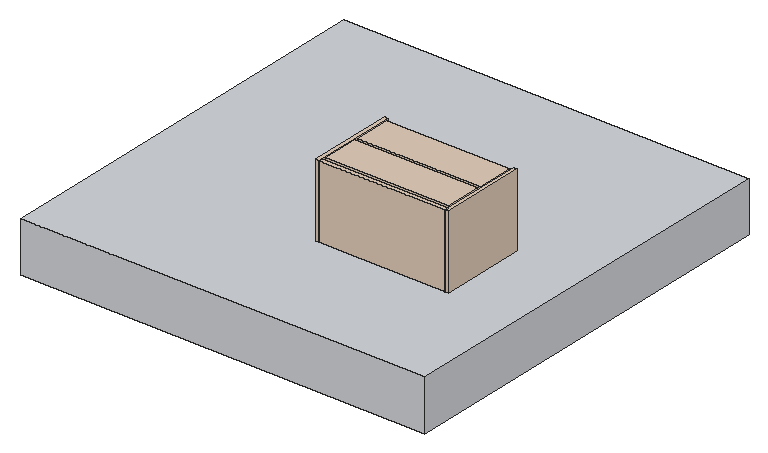
Revit family "IS_ConceptAir_Multiproduct_BIM_GB_E0817;E0818;E0819;E0821;E0842;E0844;E0846", category Plumbing Fixtures, host Face, Revit 2014
Parameters (values of type "E0819UK - 80CM Wall Hung Vanity Unit 2 drawers Wood Light Brown + Matt Light Brown")
  WaterEfficientProduct = no
  WarrantyStartDate [instance] = "1900-12-31T23:59:59"
  WarrantyGuarantorParts = "Productinfo@thebluebook.co.uk"
  WarrantyGuarantorLabor = "n/a"
  WarrantyDurationUnit = "year"
  WarrantyDurationParts = "5"
  WarrantyDurationLabor = "n/a"
  WarrantyDescription = "Manufacturers warranty"
  WRAS = no
  WFU = 0
  VolumeUnits = "Litres"
  Version = "1"
  Uniclass2 = "Pr_40_30_78_04"
  URL = "www.idealspec.co.uk"
  TagNumber [instance] = "n/a"
  TMV3 = no
  SustainabilityPerformance = "n/a"
  Style = "n/a"
  SpareParts = "www.fastpart-spares.co.uk"
  Space = "Internal"
  Size = "517 x 440 x 800 mm"
  Shape = "Rectangular"
  SerialNumber [instance] = "n/a"
  Revision = "n/a"
  ReplacementCost = "n/a"
  ProductInformation = "www.idealspec.co.uk/assets/datasheet/E0819UK"
  Phone = "01482 346461"
  NominalWidth = 800 mm
  NominalLength = 440 mm
  NominalHeight = 517 mm
  NominalDepth = 440 mm
  NettWeight = "0 Kg"
  Name = "Furniture_ConceptAir_E0819UK_IdealStandard"
  NBSTypeID = "n/a"
  NBSReference = "45-35-72/320"
  NBSOfficeMasterTag = "n/a"
  NBSNote = "n/a"
  NBSDescription = "Bathroom integrated duct work"
  NBSCertification = "n/a"
  ModelReference = Description  # "Concept Air 80 cm Wall Hung Vanity Unit 2 Drawers Wood Light Brown + Matt Light Brown"
  ModelNumber = Model  # "E0819UK"
  Model = "E0819UK"
  Material = "Laquered MDF"
  ManufacturerURL = "www.idealspec.co.uk"
  Manufacturer = "Productinfo@thebluebook.co.uk"
  MainColour = ISI_IdealStandard_Furniture_WoodLightBrown_Render
  MainColor = Color  # "Wood brown"
  LinearUnits = "millimeters"
  Keynote = "n/a"
  InstallationInstructions = "www.idealspec.co.uk/resources.html"
  InstallationDate [instance] = "1900-12-31T23:59:59"
  InnerColour = ISI_IdealStandard_Furniture_WoodLightBrown_Render
  IfcExportType = "USERDEFINED"
  IfcExportAs = "IfcFurnitureType"
  HWFU = 0
  GrossWeight = "n/a"
  Grade = "n/a"
  Finish = Color  # "Wood brown"
  Features = "80 cm Wall Hung Vanity Unit 2 Drawers Wood Light Brown + Matt Light Brown"
  ExpectedLife = "30"
  ECA = no
  DurationUnit = "year"
  DistributedBy = "n/a"
  Description = "Concept Air 80 cm Wall Hung Vanity Unit 2 Drawers Wood Light Brown + Matt Light Brown"
  Default Elevation = 800 mm
  CurrencyUnit = "n/a"
  CreatedOn = "2016-02-03"
  Cost = 0
  Constituents = "n/a"
  Color = "Wood brown"
  CodePerformance = "n/a"
  CWFU = 0
  Brand = "IdealStandard"
  BarCode [instance] = "n/a"
  BREEAM = no
  BIMObjectName = "ISI_IdealStandard_Furniture_ConceptAir_E0819UK"
  Author = "Ideal Standard"
  AssetType = "Fixed"
  AssetIdentifier [instance] = "n/a"
  Assembly Code = "C1030200"
  AreaUnits = "millimeters"
  AreaMeasurement = "n/a"
  Accessories = "www.idealspec.co.uk"
  AccessibilityPerformance = "n/a"
  2Drawer = not([1Drawer])  # yes
  1Drawer = no
Types (42, lengths in mm): name | Size | ProductInformation | NominalWidth | NominalLength | NominalHeight | NominalDepth | Name | ModelReference | ModelNumber | Model | MainColour | MainColor | InnerColour | Finish | Features | Description | Color | BIMObjectName | 2Drawer | 1Drawer
  E0818B2 - 60CM Wall Hung Vanity Unit 2 drawers Gls White + Matt White | "517 x 440 x 600 mm" | "www.idealspec.co.uk/assets/datasheet/E0818B2" | 600 | 440 | 517 | 440 | "Furniture_ConceptAir_E0818B2_IdealStandard" | "Concept Air 60 cm Wall Hung Vanity Unit 2 Drawers Gls White + Matt White" | "E0818B2" | "E0818B2" | ISI_IdealStandard_Laminate_White_Render | "White" | ISI_IdealStandard_Laminate_White_Render | "White" | "60 cm Wall Hung Vanity Unit 2 Drawers Gls White + Matt White" | "Concept Air 60 cm Wall Hung Vanity Unit 2 Drawers Gls White + Matt White" | "White" | "ISI_IdealStandard_Furniture_ConceptAir_E0818B2" | yes | no
  E0818EQ - 60CM Wall Hung Vanity Unit 2 drawers Gls Light Grey + Matt White | "517 x 440 x 600 mm" | "www.idealspec.co.uk/assets/datasheet/E0818EQ" | 600 | 440 | 517 | 440 | "Furniture_ConceptAir_E0818EQ_IdealStandard" | "Concept Air 60 cm Wall Hung Vanity Unit 2 Drawers Gls Light Grey + Matt White" | "E0818EQ" | "E0818EQ" | ISI_IdealStandard_Furniture_Grey_Render | "Grey" | ISI_IdealStandard_Laminate_White_Render | "Grey" | "60 cm Wall Hung Vanity Unit 2 Drawers Gls Light Grey + Matt White" | "Concept Air 60 cm Wall Hung Vanity Unit 2 Drawers Gls Light Grey + Matt White" | "Grey" | "ISI_IdealStandard_Furniture_ConceptAir_E0818EQ" | yes | no
  E0818KN - 60CM Wall Hung Vanity Unit 2 drawers Gls White + Matt Light Grey | "517 x 440 x 600 mm" | "www.idealspec.co.uk/assets/datasheet/E0818KN" | 600 | 440 | 517 | 440 | "Furniture_ConceptAir_E0818KN_IdealStandard" | "Concept Air 60 cm Wall Hung Vanity Unit 2 Drawers Gls White + Matt Light Grey" | "E0818KN" | "E0818KN" | ISI_IdealStandard_Laminate_White_Render | "White" | ISI_IdealStandard_Furniture_Grey_Render | "White" | "60 cm Wall Hung Vanity Unit 2 Drawers Gls White + Matt Light Grey" | "Concept Air 60 cm Wall Hung Vanity Unit 2 Drawers Gls White + Matt Light Grey" | "White" | "ISI_IdealStandard_Furniture_ConceptAir_E0818KN" | yes | no
  E0818PS - 60CM Wall Hung Vanity Unit 2 drawers Wood Light Grey + Matt White | "517 x 440 x 600 mm" | "www.idealspec.co.uk/assets/datasheet/E0818PS" | 600 | 440 | 517 | 440 | "Furniture_ConceptAir_E0818PS_IdealStandard" | "Concept Air 60 cm Wall Hung Vanity Unit 2 Drawers Wood Light Grey + Matt White" | "E0818PS" | "E0818PS" | ISI_IdealStandard_Furniture_WoodLightGrey_Render | "Wood grey" | ISI_IdealStandard_Laminate_White_Render | "Wood grey" | "60 cm Wall Hung Vanity Unit 2 Drawers Wood Light Grey + Matt White" | "Concept Air 60 cm Wall Hung Vanity Unit 2 Drawers Wood Light Grey + Matt White" | "Wood grey" | "ISI_IdealStandard_Furniture_ConceptAir_E0818PS" | yes | no
  E0818UK - 60CM Wall Hung Vanity Unit 2 drawers Wood Light Brown + Matt Light Brown | "517 x 440 x 600 mm" | "www.idealspec.co.uk/assets/datasheet/E0818UK" | 600 | 440 | 517 | 440 | "Furniture_ConceptAir_E0818UK_IdealStandard" | "Concept Air 60 cm Wall Hung Vanity Unit 2 Drawers Wood Light Brown + Matt Light Brown" | "E0818UK" | "E0818UK" | ISI_IdealStandard_Furniture_WoodLightBrown_Render | "Wood brown" | ISI_IdealStandard_Furniture_WoodLightBrown_Render | "Wood brown" | "60 cm Wall Hung Vanity Unit 2 Drawers Wood Light Brown + Matt Light Brown" | "Concept Air 60 cm Wall Hung Vanity Unit 2 Drawers Wood Light Brown + Matt Light Brown" | "Wood brown" | "ISI_IdealStandard_Furniture_ConceptAir_E0818UK" | yes | no
  E0819B2 - 80CM Wall Hung Vanity Unit 2 drawers Gls White + Matt White | "517 x 440 x 800 mm" | "www.idealspec.co.uk/assets/datasheet/E0819B2" | 800 | 440 | 517 | 440 | "Furniture_ConceptAir_E0819B2_IdealStandard" | "Concept Air 80 cm Wall Hung Vanity Unit 2 Drawers Gls White + Matt White" | "E0819B2" | "E0819B2" | ISI_IdealStandard_Laminate_White_Render | "White" | ISI_IdealStandard_Laminate_White_Render | "White" | "80 cm Wall Hung Vanity Unit 2 Drawers Gls White + Matt White" | "Concept Air 80 cm Wall Hung Vanity Unit 2 Drawers Gls White + Matt White" | "White" | "ISI_IdealStandard_Furniture_ConceptAir_E0819B2" | yes | no
  E0821EQ - 100CM Wall Hung Vanity Unit 2 drawers Gls Light Grey + Matt White | "517 x 440 x 1000 mm" | "www.idealspec.co.uk/assets/datasheet/E0821EQ" | 1000 | 440 | 517 | 440 | "Furniture_ConceptAir_E0821EQ_IdealStandard" | "Concept Air 100 cm Wall Hung Vanity Unit 2 Drawers Gls Light Grey + Matt White" | "E0821EQ" | "E0821EQ" | ISI_IdealStandard_Furniture_Grey_Render | "Grey" | ISI_IdealStandard_Laminate_White_Render | "Grey" | "100 cm Wall Hung Vanity Unit 2 Drawers Gls Light Grey + Matt White" | "Concept Air 100 cm Wall Hung Vanity Unit 2 Drawers Gls Light Grey + Matt White" | "Grey" | "ISI_IdealStandard_Furniture_ConceptAir_E0821EQ" | yes | no
  E0819KN - 80CM Wall Hung Vanity Unit 2 drawers Gls White + Matt Light Grey | "517 x 440 x 800 mm" | "www.idealspec.co.uk/assets/datasheet/E0819KN" | 800 | 440 | 517 | 440 | "Furniture_ConceptAir_E0819KN_IdealStandard" | "Concept Air 80 cm Wall Hung Vanity Unit 2 Drawers Gls White + Matt Light Grey" | "E0819KN" | "E0819KN" | ISI_IdealStandard_Laminate_White_Render | "White" | ISI_IdealStandard_Furniture_Grey_Render | "White" | "80 cm Wall Hung Vanity Unit 2 Drawers Gls White + Matt Light Grey" | "Concept Air 80 cm Wall Hung Vanity Unit 2 Drawers Gls White + Matt Light Grey" | "White" | "ISI_IdealStandard_Furniture_ConceptAir_E0819KN" | yes | no
  E0819PS - 80CM Wall Hung Vanity Unit 2 drawers Wood Light Grey + Matt White | "517 x 440 x 800 mm" | "www.idealspec.co.uk/assets/datasheet/E0819PS" | 800 | 440 | 517 | 440 | "Furniture_ConceptAir_E0819PS_IdealStandard" | "Concept Air 80 cm Wall Hung Vanity Unit 2 Drawers Wood Light Grey + Matt White" | "E0819PS" | "E0819PS" | ISI_IdealStandard_Furniture_WoodLightGrey_Render | "Wood grey" | ISI_IdealStandard_Laminate_White_Render | "Wood grey" | "80 cm Wall Hung Vanity Unit 2 Drawers Wood Light Grey + Matt White" | "Concept Air 80 cm Wall Hung Vanity Unit 2 Drawers Wood Light Grey + Matt White" | "Wood grey" | "ISI_IdealStandard_Furniture_ConceptAir_E0819PS" | yes | no
  E0819UK - 80CM Wall Hung Vanity Unit 2 drawers Wood Light Brown + Matt Light Brown | "517 x 440 x 800 mm" | "www.idealspec.co.uk/assets/datasheet/E0819UK" | 800 | 440 | 517 | 440 | "Furniture_ConceptAir_E0819UK_IdealStandard" | "Concept Air 80 cm Wall Hung Vanity Unit 2 Drawers Wood Light Brown + Matt Light Brown" | "E0819UK" | "E0819UK" | ISI_IdealStandard_Furniture_WoodLightBrown_Render | "Wood brown" | ISI_IdealStandard_Furniture_WoodLightBrown_Render | "Wood brown" | "80 cm Wall Hung Vanity Unit 2 Drawers Wood Light Brown + Matt Light Brown" | "Concept Air 80 cm Wall Hung Vanity Unit 2 Drawers Wood Light Brown + Matt Light Brown" | "Wood brown" | "ISI_IdealStandard_Furniture_ConceptAir_E0819UK" | yes | no
  E0819EQ - 80CM Wall Hung Vanity Unit 2 drawers Gls Light Grey + Matt White | "517 x 440 x 800 mm" | "www.idealspec.co.uk/assets/datasheet/E0819EQ" | 800 | 440 | 517 | 440 | "Furniture_ConceptAir_E0819EQ_IdealStandard" | "Concept Air 80 cm Wall Hung Vanity Unit 2 Drawers Gls Light Grey + Matt White" | "E0819EQ" | "E0819EQ" | ISI_IdealStandard_Furniture_Grey_Render | "Grey" | ISI_IdealStandard_Laminate_White_Render | "Grey" | "80 cm Wall Hung Vanity Unit 2 Drawers Gls Light Grey + Matt White" | "Concept Air 80 cm Wall Hung Vanity Unit 2 Drawers Gls Light Grey + Matt White" | "Grey" | "ISI_IdealStandard_Furniture_ConceptAir_E0819EQ" | yes | no
  E0821KN - 100CM Wall Hung Vanity Unit 2 drawers Gls White + Matt Light Grey | "517 x 440 x 1000 mm" | "www.idealspec.co.uk/assets/datasheet/E0821KN" | 1000 | 440 | 517 | 440 | "Furniture_ConceptAir_E0821KN_IdealStandard" | "Concept Air 100 cm Wall Hung Vanity Unit 2 Drawers Gls White + Matt Light Grey" | "E0821KN" | "E0821KN" | ISI_IdealStandard_Laminate_White_Render | "White" | ISI_IdealStandard_Furniture_Grey_Render | "White" | "100 cm Wall Hung Vanity Unit 2 Drawers Gls White + Matt Light Grey" | "Concept Air 100 cm Wall Hung Vanity Unit 2 Drawers Gls White + Matt Light Grey" | "White" | "ISI_IdealStandard_Furniture_ConceptAir_E0821KN" | yes | no
  E0821PS - 100CM Wall Hung Vanity Unit 2 drawers Wood Light Grey + Matt White | "517 x 440 x 1000 mm" | "www.idealspec.co.uk/assets/datasheet/E0821PS" | 1000 | 440 | 517 | 440 | "Furniture_ConceptAir_E0821PS_IdealStandard" | "Concept Air 100 cm Wall Hung Vanity Unit 2 Drawers Wood Light Grey + Matt White" | "E0821PS" | "E0821PS" | ISI_IdealStandard_Furniture_WoodLightGrey_Render | "Wood grey" | ISI_IdealStandard_Laminate_White_Render | "Wood grey" | "100 cm Wall Hung Vanity Unit 2 Drawers Wood Light Grey + Matt White" | "Concept Air 100 cm Wall Hung Vanity Unit 2 Drawers Wood Light Grey + Matt White" | "Wood grey" | "ISI_IdealStandard_Furniture_ConceptAir_E0821PS" | yes | no
  E0821UK - 100CM Wall Hung Vanity Unit 2 drawers Wood Light Brown + Matt Light Brown | "517 x 440 x 1000 mm" | "www.idealspec.co.uk/assets/datasheet/E0821UK" | 1000 | 440 | 517 | 440 | "Furniture_ConceptAir_E0821UK_IdealStandard" | "Concept Air 100 cm Wall Hung Vanity Unit 2 Drawers Wood Light Brown + Matt Light Brown" | "E0821UK" | "E0821UK" | ISI_IdealStandard_Furniture_WoodLightBrown_Render | "Wood brown" | ISI_IdealStandard_Furniture_WoodLightBrown_Render | "Wood brown" | "100 cm Wall Hung Vanity Unit 2 Drawers Wood Light Brown + Matt Light Brown" | "Concept Air 100 cm Wall Hung Vanity Unit 2 Drawers Wood Light Brown + Matt Light Brown" | "Wood brown" | "ISI_IdealStandard_Furniture_ConceptAir_E0821UK" | yes | no
  E0821B2 - 100CM Wall Hung Vanity Unit 2 drawers Gls White + Matt White | "517 x 440 x 1000 mm" | "www.idealspec.co.uk/assets/datasheet/E0821B2" | 1000 | 440 | 517 | 440 | "Furniture_ConceptAir_E0821B2_IdealStandard" | "Concept Air 100 cm Wall Hung Vanity Unit 2 Drawers Gls White + Matt White" | "E0821B2" | "E0821B2" | ISI_IdealStandard_Laminate_White_Render | "White" | ISI_IdealStandard_Laminate_White_Render | "White" | "100 cm Wall Hung Vanity Unit 2 Drawers Gls White + Matt White" | "Concept Air 100 cm Wall Hung Vanity Unit 2 Drawers Gls White + Matt White" | "White" | "ISI_IdealStandard_Furniture_ConceptAir_E0821B2" | yes | no
  E0817B2 - 50CM Wall Hung Vanity Unit 1 drawer Gls White + Matt White | "400 x 360 x 500 mm" | "www.idealspec.co.uk/assets/datasheet/E0817B2" | 500 | 360 | 400 | 360 | "Furniture_ConceptAir_E0817B2_IdealStandard" | "Concept Air 50 cm Wall Hung Vanity Unit 1 Drawer Gls White + Matt White" | "E0817B2" | "E0817B2" | ISI_IdealStandard_Laminate_White_Render | "White" | ISI_IdealStandard_Laminate_White_Render | "White" | "50 cm Wall Hung Vanity Unit 1 Drawer Gls White + Matt White" | "Concept Air 50 cm Wall Hung Vanity Unit 1 Drawer Gls White + Matt White" | "White" | "ISI_IdealStandard_Furniture_ConceptAir_E0817B2" | no | yes
  E0817EQ - 50CM Wall Hung Vanity Unit 1 drawer Gls Light Grey + Matt White | "400 x 360 x 500 mm" | "www.idealspec.co.uk/assets/datasheet/E0817EQ" | 500 | 360 | 400 | 360 | "Furniture_ConceptAir_E0817EQ_IdealStandard" | "Concept Air 50 cm Wall Hung Vanity Unit 1 Drawer Gls Light Grey + Matt White" | "E0817EQ" | "E0817EQ" | ISI_IdealStandard_Furniture_Grey_Render | "Grey" | ISI_IdealStandard_Laminate_White_Render | "Grey" | "50 cm Wall Hung Vanity Unit 1 Drawer Gls White + Matt White" | "Concept Air 50 cm Wall Hung Vanity Unit 1 Drawer Gls Light Grey + Matt White" | "Grey" | "ISI_IdealStandard_Furniture_ConceptAir_E0817EQ" | no | yes
  E0817KN - 50CM Wall Hung Vanity Unit 1 drawer Gls White + Matt Light Grey | "400 x 360 x 500 mm" | "www.idealspec.co.uk/assets/datasheet/E0817KN" | 500 | 360 | 400 | 360 | "Furniture_ConceptAir_E0817KN_IdealStandard" | "Concept Air 50 cm Wall Hung Vanity Unit 1 Drawer Gls White + Matt Light Grey" | "E0817KN" | "E0817KN" | ISI_IdealStandard_Laminate_White_Render | "White" | ISI_IdealStandard_Furniture_Grey_Render | "White" | "50 cm Wall Hung Vanity Unit 1 Drawer Gls White + Matt White" | "Concept Air 50 cm Wall Hung Vanity Unit 1 Drawer Gls White + Matt Light Grey" | "White" | "ISI_IdealStandard_Furniture_ConceptAir_E0817KN" | no | yes
  E0817PS - 50CM Wall Hung Vanity Unit 1 drawer Wood Light Grey + Matt White | "400 x 360 x 500 mm" | "www.idealspec.co.uk/assets/datasheet/E0817PS" | 500 | 360 | 400 | 360 | "Furniture_ConceptAir_E0817PS_IdealStandard" | "Concept Air 50 cm Wall Hung Vanity Unit 1 Drawer Wood Light Grey + Matt White" | "E0817PS" | "E0817PS" | ISI_IdealStandard_Furniture_WoodLightGrey_Render | "Wood grey" | ISI_IdealStandard_Laminate_White_Render | "Wood grey" | "50 cm Wall Hung Vanity Unit 1 Drawer Wood Light Grey + Matt White" | "Concept Air 50 cm Wall Hung Vanity Unit 1 Drawer Wood Light Grey + Matt White" | "Wood grey" | "ISI_IdealStandard_Furniture_ConceptAir_E0817PS" | no | yes
  E0817UK - 50CM Wall Hung Vanity Unit 1 drawer Wood Light Brown + Matt Light Brown | "400 x 360 x 500 mm" | "www.idealspec.co.uk/assets/datasheet/E0817UK" | 500 | 360 | 400 | 360 | "Furniture_ConceptAir_E0817UK_IdealStandard" | "Concept Air 50 cm Wall Hung Vanity Unit 1 Drawer Wood Light Brown + Matt Light Brown" | "E0817UK" | "E0817UK" | ISI_IdealStandard_Furniture_WoodLightBrown_Render | "Wood brown" | ISI_IdealStandard_Furniture_WoodLightBrown_Render | "Wood brown" | "50 cm Wall Hung Vanity Unit 1 Drawer Wood Light Brown + Matt Light Brown" | "Concept Air 50 cm Wall Hung Vanity Unit 1 Drawer Wood Light Brown + Matt Light Brown" | "Wood brown" | "ISI_IdealStandard_Furniture_ConceptAir_E0817UK" | no | yes
  E0842B2 - 44CM Cube WH Vanity unit 1 drawer Gls White + Matt White | "400 x 412 x 435 mm" | "www.idealspec.co.uk/assets/datasheet/E0842B2" | 435 | 412 | 400 | 412 | "Furniture_ConceptAir_E0842B2_IdealStandard" | "Concept Air 44 cm Cube Wh Vanity Unit 1 Drawer Gls White + Matt White" | "E0842B2" | "E0842B2" | ISI_IdealStandard_Laminate_White_Render | "White" | ISI_IdealStandard_Laminate_White_Render | "White" | "50 cm Cube Wh Vanity Unit 1 Drawer Gls White + Matt White" | "Concept Air 50 cm Cube Wh Vanity Unit 1 Drawer Gls White + Matt White" | "White" | "ISI_IdealStandard_Furniture_ConceptAir_E0842B2" | no | yes
  E0842EQ - 44CM Cube WH Vanity unit 1 drawer Gls Light Grey + Matt White | "400 x 412 x 435 mm" | "www.idealspec.co.uk/assets/datasheet/E0842EQ" | 435 | 412 | 400 | 412 | "Furniture_ConceptAir_E0842EQ_IdealStandard" | "Concept Air 44 cm Cube Wh Vanity Unit 1 Drawer Gls Light Grey + Matt White" | "E0842EQ" | "E0842EQ" | ISI_IdealStandard_Furniture_Grey_Render | "Grey" | ISI_IdealStandard_Laminate_White_Render | "Grey" | "50 cm Cube Wh Vanity Unit 1 Drawer Gls Light Grey + Matt White" | "Concept Air 50 cm Cube Wh Vanity Unit 1 Drawer Gls Light Grey + Matt White" | "Grey" | "ISI_IdealStandard_Furniture_ConceptAir_E0842EQ" | no | yes
  E0842KN - 44CM Cube WH Vanity unit 1 drawer Gls White + Matt Light Grey | "400 x 412 x 435 mm" | "www.idealspec.co.uk/assets/datasheet/E0842KN" | 435 | 412 | 400 | 412 | "Furniture_ConceptAir_E0842KN_IdealStandard" | "Concept Air 44 cm Cube Wh Vanity Unit 1 Drawer Gls White + Matt Light Grey" | "E0842KN" | "E0842KN" | ISI_IdealStandard_Laminate_White_Render | "White" | ISI_IdealStandard_Furniture_Grey_Render | "White" | "50 cm Cube Wh Vanity Unit 1 Drawer Gls White + Matt Light Grey" | "Concept Air 50 cm Cube Wh Vanity Unit 1 Drawer Gls White + Matt Light Grey" | "White" | "ISI_IdealStandard_Furniture_ConceptAir_E0842KN" | no | yes
  E0842PS - 44CM Cube WH Vanity unit 1 drawer Wood Light Grey + Matt White | "400 x 412 x 435 mm" | "www.idealspec.co.uk/assets/datasheet/E0842PS" | 435 | 412 | 400 | 412 | "Furniture_ConceptAir_E0842PS_IdealStandard" | "Concept Air 44 cm Cube Wh Vanity Unit 1 Drawer Wood Light Grey + Matt White" | "E0842PS" | "E0842PS" | ISI_IdealStandard_Furniture_WoodLightGrey_Render | "Wood grey" | ISI_IdealStandard_Laminate_White_Render | "Wood grey" | "50 cm Cube Wh Vanity Unit 1 Drawer Wood Light Grey + Matt White" | "Concept Air 50 cm Cube Wh Vanity Unit 1 Drawer Wood Light Grey + Matt White" | "Wood grey" | "ISI_IdealStandard_Furniture_ConceptAir_E0842PS" | no | yes
  E0842UK - 44CM Cube WH Vanity unit 1 drawer Wood Light Brown + Matt Light Brown | "400 x 412 x 435 mm" | "www.idealspec.co.uk/assets/datasheet/E0842UK" | 435 | 412 | 400 | 412 | "Furniture_ConceptAir_E0842UK_IdealStandard" | "Concept Air 44 cm Cube Wh Vanity Unit 1 Drawer Wood Light Brown + Matt Light Brown" | "E0842UK" | "E0842UK" | ISI_IdealStandard_Furniture_WoodLightBrown_Render | "Wood brown" | ISI_IdealStandard_Furniture_WoodLightBrown_Render | "Wood brown" | "50 cm Cube Wh Vanity Unit 1 Drawer Wood Light Brown + Matt Light Brown" | "Concept Air 50 cm Cube Wh Vanity Unit 1 Drawer Wood Light Brown + Matt Light Brown" | "Wood brown" | "ISI_IdealStandard_Furniture_ConceptAir_E0842UK" | no | yes
  E0844B2 - 48CM Cube WH Vanity unit 1 drawer Gls White + Matt White | "400 x 412 x 485 mm" | "www.idealspec.co.uk/assets/datasheet/E0844B2" | 485 | 412 | 400 | 412 | "Furniture_ConceptAir_E0844B2_IdealStandard" | "Concept Air 48 cm Cube Wh Vanity Unit 1 Drawer Gls White + Matt White" | "E0844B2" | "E0844B2" | ISI_IdealStandard_Laminate_White_Render | "White" | ISI_IdealStandard_Laminate_White_Render | "White" | "55 cm Cube Wh Vanity Unit 1 Drawer Gls White + Matt White" | "Concept Air 55 cm Cube Wh Vanity Unit 1 Drawer Gls White + Matt White" | "White" | "ISI_IdealStandard_Furniture_ConceptAir_E0844B2" | no | yes
  E0844EQ - 48CM Cube WH Vanity unit 1 drawer Gls Light Grey + Matt White | "400 x 412 x 485 mm" | "www.idealspec.co.uk/assets/datasheet/E0844EQ" | 485 | 412 | 400 | 412 | "Furniture_ConceptAir_E0844EQ_IdealStandard" | "Concept Air 48 cm Cube Wh Vanity Unit 1 Drawer Gls Light Grey + Matt White" | "E0844EQ" | "E0844EQ" | ISI_IdealStandard_Furniture_Grey_Render | "Grey" | ISI_IdealStandard_Laminate_White_Render | "Grey" | "55 cm Cube Wh Vanity Unit 1 Drawer Gls Light Grey + Matt White" | "Concept Air 55 cm Cube Wh Vanity Unit 1 Drawer Gls Light Grey + Matt White" | "Grey" | "ISI_IdealStandard_Furniture_ConceptAir_E0844EQ" | no | yes
  E0844KN - 48CM Cube WH Vanity unit 1 drawer Gls White + Matt Light Grey | "400 x 412 x 485 mm" | "www.idealspec.co.uk/assets/datasheet/E0844KN" | 485 | 412 | 400 | 412 | "Furniture_ConceptAir_E0844KN_IdealStandard" | "Concept Air 48 cm Cube Wh Vanity Unit 1 Drawer Gls White + Matt Light Grey" | "E0844KN" | "E0844KN" | ISI_IdealStandard_Laminate_White_Render | "White" | ISI_IdealStandard_Furniture_Grey_Render | "White" | "55 cm Cube Wh Vanity Unit 1 Drawer Gls White + Matt Light Grey" | "Concept Air 55 cm Cube Wh Vanity Unit 1 Drawer Gls White + Matt Light Grey" | "White" | "ISI_IdealStandard_Furniture_ConceptAir_E0844KN" | no | yes
  E0844PS - 48CM Cube WH Vanity unit 1 drawer Wood Light Grey + Matt White | "400 x 412 x 485 mm" | "www.idealspec.co.uk/assets/datasheet/E0844PS" | 485 | 412 | 400 | 412 | "Furniture_ConceptAir_E0844PS_IdealStandard" | "Concept Air 48 cm Cube Wh Vanity Unit 1 Drawer Wood Light Grey + Matt White" | "E0844PS" | "E0844PS" | ISI_IdealStandard_Furniture_WoodLightGrey_Render | "Wood grey" | ISI_IdealStandard_Laminate_White_Render | "Wood grey" | "55 cm Cube Wh Vanity Unit 1 Drawer Wood Light Grey + Matt White" | "Concept Air 55 cm Cube Wh Vanity Unit 1 Drawer Wood Light Grey + Matt White" | "Wood grey" | "ISI_IdealStandard_Furniture_ConceptAir_E0844PS" | no | yes
  E0844UK - 48CM Cube WH Vanity unit 1 drawer Wood Light Brown + Matt Light Brown | "400 x 412 x 485 mm" | "www.idealspec.co.uk/assets/datasheet/E0844UK" | 485 | 412 | 400 | 412 | "Furniture_ConceptAir_E0844UK_IdealStandard" | "Concept Air 48 cm Cube Wh Vanity Unit 1 Drawer Wood Light Brown + Matt Light Brown" | "E0844UK" | "E0844UK" | ISI_IdealStandard_Furniture_WoodLightBrown_Render | "Wood brown" | ISI_IdealStandard_Furniture_WoodLightBrown_Render | "Wood brown" | "55 cm Cube Wh Vanity Unit 1 Drawer Wood Light Brown + Matt Light Brown" | "Concept Air 55 cm Cube Wh Vanity Unit 1 Drawer Wood Light Brown + Matt Light Brown" | "Wood brown" | "ISI_IdealStandard_Furniture_ConceptAir_E0844UK" | no | yes
  E0846B2 - 54CM Cube WH Vanity unit 1 drawer Gls White + Matt White | "400 x 412 x 535 mm" | "www.idealspec.co.uk/assets/datasheet/E0846B2" | 535 | 412 | 400 | 412 | "Furniture_ConceptAir_E0846B2_IdealStandard" | "Concept Air 54 cm Cube Wh Vanity Unit 1 Drawer Gls White + Matt White" | "E0846B2" | "E0846B2" | ISI_IdealStandard_Laminate_White_Render | "White" | ISI_IdealStandard_Laminate_White_Render | "White" | "60 cm Cube Wh Vanity Unit 1 Drawer Gls White + Matt White" | "Concept Air 60 cm Cube Wh Vanity Unit 1 Drawer Gls White + Matt White" | "White" | "ISI_IdealStandard_Furniture_ConceptAir_E0846B2" | no | yes
  E0846EQ - 54CM Cube WH Vanity unit 1 drawer Gls Light Grey + Matt White | "400 x 412 x 535 mm" | "www.idealspec.co.uk/assets/datasheet/E0846EQ" | 535 | 412 | 400 | 412 | "Furniture_ConceptAir_E0846EQ_IdealStandard" | "Concept Air 54 cm Cube Wh Vanity Unit 1 Drawer Gls Light Grey + Matt White" | "E0846EQ" | "E0846EQ" | ISI_IdealStandard_Furniture_Grey_Render | "Grey" | ISI_IdealStandard_Laminate_White_Render | "Grey" | "60 cm Cube Wh Vanity Unit 1 Drawer Gls Light Grey + Matt White" | "Concept Air 60 cm Cube Wh Vanity Unit 1 Drawer Gls Light Grey + Matt White" | "Grey" | "ISI_IdealStandard_Furniture_ConceptAir_E0846EQ" | no | yes
  E0846KN - 54CM Cube WH Vanity unit 1 drawer Gls White + Matt Light Grey | "400 x 412 x 535 mm" | "www.idealspec.co.uk/assets/datasheet/E0846KN" | 535 | 412 | 400 | 412 | "Furniture_ConceptAir_E0846KN_IdealStandard" | "Concept Air 54 cm Cube Wh Vanity Unit 1 Drawer Gls White + Matt Light Grey" | "E0846KN" | "E0846KN" | ISI_IdealStandard_Laminate_White_Render | "White" | ISI_IdealStandard_Furniture_Grey_Render | "White" | "60 cm Cube Wh Vanity Unit 1 Drawer Gls White + Matt Light Grey" | "Concept Air 60 cm Cube Wh Vanity Unit 1 Drawer Gls White + Matt Light Grey" | "White" | "ISI_IdealStandard_Furniture_ConceptAir_E0846KN" | no | yes
  E0846PS - 54CM Cube WH Vanity unit 1 drawer Wood Light Grey + Matt White | "400 x 412 x 535 mm" | "www.idealspec.co.uk/assets/datasheet/E0846PS" | 535 | 412 | 400 | 412 | "Furniture_ConceptAir_E0846PS_IdealStandard" | "Concept Air 54 cm Cube Wh Vanity Unit 1 Drawer Wood Light Grey + Matt White" | "E0846PS" | "E0846PS" | ISI_IdealStandard_Furniture_WoodLightGrey_Render | "Wood grey" | ISI_IdealStandard_Laminate_White_Render | "Wood grey" | "60 cm Cube Wh Vanity Unit 1 Drawer Wood Light Grey + Matt White" | "Concept Air 60 cm Cube Wh Vanity Unit 1 Drawer Wood Light Grey + Matt White" | "Wood grey" | "ISI_IdealStandard_Furniture_ConceptAir_E0846PS" | no | yes
  E0846UK - 54CM Cube WH Vanity unit 1 drawer Wood Light Brown + Matt Light Brown | "400 x 412 x 535 mm" | "www.idealspec.co.uk/assets/datasheet/E0846UK" | 535 | 412 | 400 | 412 | "Furniture_ConceptAir_E0846UK_IdealStandard" | "Concept Air 54 cm Cube Wh Vanity Unit 1 Drawer Wood Light Brown + Matt Light Brown" | "E0846UK" | "E0846UK" | ISI_IdealStandard_Furniture_WoodLightBrown_Render | "Wood brown" | ISI_IdealStandard_Furniture_WoodLightBrown_Render | "Wood brown" | "60 cm Cube Wh Vanity Unit 1 Drawer Wood Light Brown + Matt Light Brown" | "Concept Air 60 cm Cube Wh Vanity Unit 1 Drawer Wood Light Brown + Matt Light Brown" | "Wood brown" | "ISI_IdealStandard_Furniture_ConceptAir_E0846UK" | no | yes
  E0846VY - 54CM Cube WH Vanity unit 1 drawer Matt Dark Brown + Matt White | "400 x 412 x 535 mm" | "www.idealspec.co.uk/assets/datasheet/E0846VY" | 535 | 412 | 400 | 412 | "Furniture_ConceptAir_E0846VY_IdealStandard" | "Concept Air 54 cm Cube Wh Vanity Unit 1 Drawer Gls Dark Brown + Matt White" | "E0846VY" | "E0846VY" | ISI_IdealStandard_Furniture_DarkBrown_Render | "Dark brown" | ISI_IdealStandard_Laminate_White_Render | "Dark brown" | "60 cm Cube Wh Vanity Unit 1 Drawer Matt Dark Brown + Matt White" | "Concept Air 60 cm Cube Wh Vanity Unit 1 Drawer Matt Dark Brown + Matt White" | "Dark brown" | "ISI_IdealStandard_Furniture_ConceptAir_E0846VY" | no | yes
  E0844VY - 48CM Cube WH Vanity unit 1 drawer Matt Dark Brown + Matt White | "400 x 412 x 485 mm" | "www.idealspec.co.uk/assets/datasheet/E0844VY" | 485 | 412 | 400 | 412 | "Furniture_ConceptAir_E0844VY_IdealStandard" | "Concept Air 48 cm Cube Wh Vanity Unit 1 Drawer Gls Dark Brown + Matt White" | "E0844VY" | "E0844VY" | ISI_IdealStandard_Furniture_DarkBrown_Render | "Dark brown" | ISI_IdealStandard_Laminate_White_Render | "Dark brown" | "55 cm Cube Wh Vanity Unit 1 Drawer Matt Dark Brown + Matt White" | "Concept Air 55 cm Cube Wh Vanity Unit 1 Drawer Matt Dark Brown + Matt White" | "Dark brown" | "ISI_IdealStandard_Furniture_ConceptAir_E0844VY" | no | yes
  E0842VY - 44CM Cube WH Vanity unit 1 drawer Matt Dark Brown + Matt White | "400 x 412 x 435 mm" | "www.idealspec.co.uk/assets/datasheet/E0842VY" | 435 | 412 | 400 | 412 | "Furniture_ConceptAir_E0842VY_IdealStandard" | "Concept Air 44 cm Cube Wh Vanity Unit 1 Drawer Gls Dark Brown + Matt White" | "E0842VY" | "E0842VY" | ISI_IdealStandard_Furniture_DarkBrown_Render | "Dark brown" | ISI_IdealStandard_Laminate_White_Render | "Dark brown" | "50 cm Cube Wh Vanity Unit 1 Drawer Matt Dark Brown + Matt White" | "Concept Air 50 cm Cube Wh Vanity Unit 1 Drawer Matt Dark Brown + Matt White" | "Dark brown" | "ISI_IdealStandard_Furniture_ConceptAir_E0842VY" | no | yes
  E0817VY - 50CM Wall Hung Vanity Unit 1 drawer Matt Dark Brown + Matt White | "400 x 360 x 500 mm" | "www.idealspec.co.uk/assets/datasheet/E0817VY" | 500 | 360 | 400 | 360 | "Furniture_ConceptAir_E0817VY_IdealStandard" | "Concept Air 50 cm Wall Hung Vanity Unit 1 Drawer Gls Dark Brown + Matt White" | "E0817VY" | "E0817VY" | ISI_IdealStandard_Furniture_DarkBrown_Render | "Dark brown" | ISI_IdealStandard_Laminate_White_Render | "Dark brown" | "50 cm Wall Hung Vanity Unit 1 Drawer Matt Dark Brown + Matt White" | "Concept Air 50 cm Wall Hung Vanity Unit 1 Drawer Matt Dark Brown + Matt White" | "Dark brown" | "ISI_IdealStandard_Furniture_ConceptAir_E0817VY" | no | yes
  E0821VY - 100CM Wall Hung Vanity Unit 2 drawers Matt Dark Brown + Matt White | "517 x 440 x 1000 mm" | "www.idealspec.co.uk/assets/datasheet/E0821VY" | 1000 | 440 | 517 | 440 | "Furniture_ConceptAir_E0821VY_IdealStandard" | "Concept Air 100 cm Wall Hung Vanity Unit 2 Drawers Gls Dark Brown + Matt White" | "E0821VY" | "E0821VY" | ISI_IdealStandard_Furniture_DarkBrown_Render | "Dark brown" | ISI_IdealStandard_Laminate_White_Render | "Dark brown" | "100 cm Wall Hung Vanity Unit 2 Drawers Matt Dark Brown + Matt White" | "Concept Air 100 cm Wall Hung Vanity Unit 2 Drawers Matt Dark Brown + Matt White" | "Dark brown" | "ISI_IdealStandard_Furniture_ConceptAir_E0821VY" | yes | no
  E0819VY - 80CM Wall Hung Vanity Unit 2 drawers Matt Dark Brown + Matt White | "517 x 440 x 800 mm" | "www.idealspec.co.uk/assets/datasheet/E0819VY" | 800 | 440 | 517 | 440 | "Furniture_ConceptAir_E0819VY_IdealStandard" | "Concept Air 80 cm Wall Hung Vanity Unit 2 Drawers Gls Dark Brown + Matt White" | "E0819VY" | "E0819VY" | ISI_IdealStandard_Furniture_DarkBrown_Render | "Dark brown" | ISI_IdealStandard_Laminate_White_Render | "Dark brown" | "80 cm Wall Hung Vanity Unit 2 Drawers Matt Dark Brown + Matt White" | "Concept Air 80 cm Wall Hung Vanity Unit 2 Drawers Matt Dark Brown + Matt White" | "Dark brown" | "ISI_IdealStandard_Furniture_ConceptAir_E0819VY" | yes | no
  E0818VY - 60CM Wall Hung Vanity Unit 2 drawers Matt Dark Brown + Matt White | "517 x 440 x 600 mm" | "www.idealspec.co.uk/assets/datasheet/E0818VY" | 600 | 440 | 517 | 440 | "Furniture_ConceptAir_E0818VY_IdealStandard" | "Concept Air 60 cm Wall Hung Vanity Unit 2 Drawers Gls Dark Brown + Matt White" | "E0818VY" | "E0818VY" | ISI_IdealStandard_Furniture_DarkBrown_Render | "Dark brown" | ISI_IdealStandard_Laminate_White_Render | "Dark brown" | "60 cm Wall Hung Vanity Unit 2 Drawers Matt Dark Brown + Matt White" | "Concept Air 60 cm Wall Hung Vanity Unit 2 Drawers Matt Dark Brown + Matt White" | "Dark brown" | "ISI_IdealStandard_Furniture_ConceptAir_E0818VY" | yes | no
Reference planes
  plane 1 "Center (Front/Back)": y = 0
  plane 2: z = 0
  plane 3 "Center (Left/Right)": x = 0
  plane 4: x = 800
  plane 5: y = -517
  plane 6: z = 440
  plane 7: z = 420
  plane 8: x = 20
  plane 9: x = 780
  plane 10: y = -497
  plane 11: x = 30
  plane 12: x = 770
  plane 13: y = -477
  plane 14: y = -238.5
  plane 15: y = -258.5
  plane 16: y = -20
  plane 17: z = 400
  plane 18: y = -248.5
Forms (mm)
  Extrusion 1, solid
    sketch origin (0, 0, 0) x (1, 0, 0) y (0, 1, 0)
      loop
        line (-1219.2, 1219.2) -> (-1219.2, -1219.2) -> (1219.2, -1219.2) -> (1219.2, 1219.2) -> (-1219.2, 1219.2)
    from 0 to -304.8
  Extrusion 2, solid, material "ISI_IdealStandard_Furniture_WoodLightBrown_Render" <- "MainColour"
    sketch origin (-1524, -517, 1219.2) x (-1, 0, 0) y (0, 0, 1)
      loop
        line (-2324, -1219.2) -> (-2304, -1219.2) -> (-2304, -779.2) -> (-2324, -779.2) -> (-2324, -1219.2)
      loop
        line (-1544, -779.2) -> (-1544, -1219.2) -> (-1524, -1219.2) -> (-1524, -779.2) -> (-1544, -779.2)
    from 0 to 517
  Extrusion 3, solid, material "ISI_IdealStandard_Furniture_WoodLightBrown_Render" <- "MainColour"
    sketch origin (-1524, -517, 1219.2) x (-1, 0, 0) y (0, 0, 1)
      loop
        line (-2304, -779.2) -> (-2304, -1219.2) -> (-1544, -1219.2) -> (-1544, -779.2) -> (-2304, -779.2)
    from 0 to 20
  Extrusion 4, solid, material "ISI_IdealStandard_Furniture_WoodLightBrown_Render" <- "InnerColour"
    sketch origin (-1524, -497, 1219.2) x (-1, 0, 0) y (0, 0, 1)
      loop
        line (-2304, -799.2) -> (-2304, -819.2) -> (-1544, -819.2) -> (-1544, -799.2) -> (-2304, -799.2)
    from 0 to 497
  Extrusion 5, solid, material "ISI_IdealStandard_Furniture_WoodLightBrown_Render" <- "MainColour", visible <- "2Drawer"
    sketch origin (30, 1524, 1219.2) x (0, 1, 0) y (0, 0, 1)
      loop
        line (-1762.5, -799.2) -> (-1564, -799.2) -> (-1544, -779.2) -> (-1762.5, -779.2) -> (-1762.5, -799.2)
      loop
        line (-2001, -799.2) -> (-1802.5, -799.2) -> (-1782.5, -779.2) -> (-2001, -779.2) -> (-2001, -799.2)
    from 0 to 740
  Extrusion 6, solid, material "ISI_IdealStandard_Furniture_WoodLightBrown_Render" <- "MainColour", visible <- "1Drawer"
    sketch origin (30, 1524, 1219.2) x (0, 1, 0) y (0, 0, 1)
      loop
        line (-2001, -799.2) -> (-1564, -799.2) -> (-1544, -779.2) -> (-2001, -779.2) -> (-2001, -799.2)
    from 0 to 740
Dimensions and locks
  "NominalHeight": plane 1 "Center (Front/Back)" to plane 5
  "NominalWidth": plane 3 "Center (Left/Right)" to plane 4
  "NominalDepth": plane 6 to plane 2
  locked: plane 6 to plane 7 at 20
  locked: plane 3 "Center (Left/Right)" to plane 8 at 20
  locked: plane 9 to plane 4 at 20
  locked: plane 8 to plane 11 at 10
  locked: plane 12 to plane 9 at 10
  locked: plane 7 to plane 17 at 20
  plane 3 "Center (Left/Right)" to plane 4 = 800 mm
  locked: plane 16 to plane 1 "Center (Front/Back)" at 20
  plane 13 to plane 10 to plane 5 = 20 mm locked, 20 mm locked
  equal spacing: plane 16, plane 18, plane 13
  plane 15 to plane 18 to plane 14 = 10 mm, 10 mm
  aligned and locked: plane 2 to Extrusion 1
  aligned and locked: level to Extrusion 1
  aligned and locked: plane 4 to Extrusion 2 sketch curve
  aligned and locked: plane 6 to Extrusion 2 sketch curve
  aligned and locked: Extrusion 2 sketch curve to plane 9
  aligned and locked: Extrusion 2 sketch curve to plane 6
  aligned and locked: Extrusion 2 sketch curve to plane 8
  aligned and locked: Extrusion 1 to Extrusion 2 sketch curve
  aligned and locked: plane 3 "Center (Left/Right)" to Extrusion 2 sketch curve
  aligned and locked: Extrusion 2 to plane 1 "Center (Front/Back)"
  aligned and locked: Extrusion 2 to plane 5
  aligned and locked: Extrusion 3 sketch curve to Extrusion 2  (x4)
  aligned and locked: plane 10 to Extrusion 3
  aligned and locked: Extrusion 3 to plane 5
  aligned and locked: Extrusion 4 sketch curve to plane 7
  aligned and locked: Extrusion 4 sketch curve to plane 9
  aligned and locked: plane 17 to Extrusion 4 sketch curve
  aligned and locked: plane 8 to Extrusion 4 sketch curve
  aligned and locked: Extrusion 4 to plane 10
  aligned and locked: Extrusion 4 to plane 1 "Center (Front/Back)"
  aligned and locked: Extrusion 2 to Extrusion 4
  aligned and locked: plane 6 to Extrusion 5  (x2)
  aligned and locked: Extrusion 5 to plane 7  (x2)
  aligned and locked: plane 14 to Extrusion 5
  aligned and locked: plane 13 to Extrusion 5
  aligned and locked: plane 12 to Extrusion 5
  aligned and locked: Extrusion 5 to plane 11
  aligned and locked: Extrusion 6 to plane 7
  aligned and locked: plane 6 to Extrusion 6
  aligned and locked: Extrusion 6 to Extrusion 4
  aligned and locked: plane 13 to Extrusion 6
  aligned and locked: Extrusion 6 to plane 11
  aligned and locked: plane 12 to Extrusion 6
Automatic sketch dimensions
  Extrusion 1 sketch curve to Extrusion 1 sketch curve = 2438.4 mm  (x2)
  Extrusion 2 sketch curve to level = 0 mm
  Extrusion 2 sketch curve to plane 6 = 0 mm
  Extrusion 5 sketch curve to plane 7 = 0 mm  (x2)
  Extrusion 5 sketch curve to plane 13 = 0 mm
  Extrusion 5 sketch curve to plane 6 = 0 mm  (x2)
  Extrusion 5 sketch curve to plane 15 = 0 mm
  Extrusion 5 sketch curve to plane 14 = 0 mm
  Extrusion 5 sketch curve to plane 16 = 0 mm
  Extrusion 5 sketch curve to plane 16 = 20 mm
  Extrusion 5 sketch curve to plane 15 = 20 mm
  Extrusion 6 sketch curve to plane 6 = 0 mm
  Extrusion 6 sketch curve to plane 13 = 0 mm
  Extrusion 6 sketch curve to plane 7 = 0 mm
  Extrusion 6 sketch curve to plane 16 = 0 mm
  Extrusion 6 sketch curve to plane 16 = 20 mm
